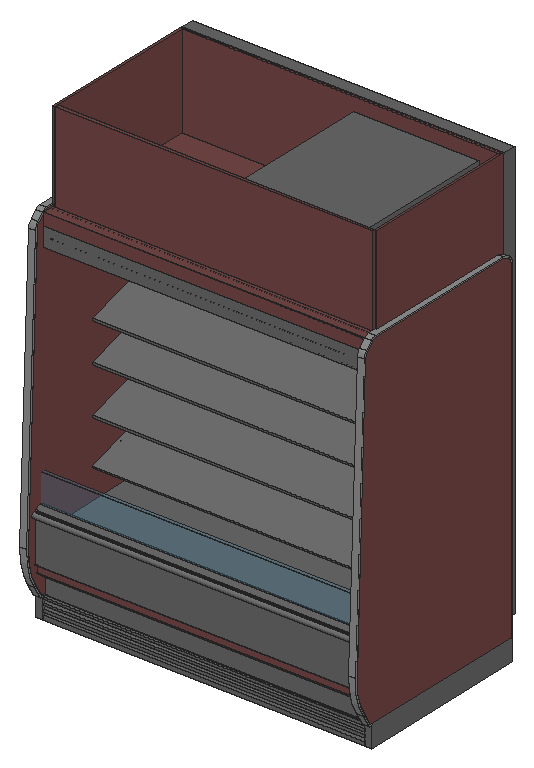
Revit family "O5MAK-NRG", category Mechanical Equipment, Revit 2017
Family settings
  Round Connector Dimension = Use Radius
  Part Type = Normal
  OmniClass Number = 23.40.40.11.17
  OmniClass Title = Refrigerated Cases
  Work Plane-Based = Yes
  Always vertical = Yes
  Cut with Voids When Loaded = No
  Shared = No
  Room Calculation Point = No
Parameters (values of type "6'")
  Width = 43 1/4"  # constant formula
  URL = "http://www.hillphoenix.com/?s=o5dma"
  Type of Case = ""
  Timed-Off Defrost Termination Temp = 42 °F  # constant formula
  Timed-Off Defrost Fail-Safe (Min) = "45 (min)"  # constant formula
  TOP REFRIGERATION PIPING = yes
  TOP ELECTRICAL = yes
  Systems Wire = "3 wire + ground"  # constant formula
  Systems Minimum Circuit Amps = 25.06 A
  Systems Maximum Overcurrent Protection = 35 A
  Systems Frequency = 60 Hz  # constant formula
  System Data Volts = 208 V  # constant formula
  System Data Phase = 1  # constant formula
  Superheat Set Point @ Bulb (°F) = "6-8  °F"  # constant formula
  Suction Pressure @ Case Outlet (psig) = 58.00 psi  # constant formula
  Running Load (RLA) Amps = 12.6 A
  Refrigerant = "R404A"  # constant formula
  Refgn = 28 5/8"
  RT STD END = yes
  RUBBER BUMPER [instance] = BLACK
  REAR REFRIGERATION PIPING = yes
  PAINTED METAL UPPER SHELF = PAINTED SHELVES
  PAINTED METAL INTERIOR [instance] = GALVANIZED STEEL
  PAINTED METAL EXTERIOR [instance] = CHARCOAL BROWN
  Number of Fans = 2  # constant formula
  Model = "O5DMA-NRG"  # constant formula
  Maximum Lights Watts = 56 W
  Maximum Lights Amps = 0.47 A
  Manufacturer = "HILL PHOENIX"  # constant formula
  Locked Rotor (LRA) Amps = 55 A
  Length of Cases = 0"
  Length = 72"
  Legend Number = Model  # "O5DMA-NRG"
  Lbs. of Refrigerant = 5.2
  LF STD END = yes
  Keynote = ""  # constant formula
  Item Description = Description  # "Multi-Deck Merchandiser"
  High Efficiency Watts = 28 W  # constant formula
  High Efficiency Amps = 0.47 A  # constant formula
  Height = 101.65354"
  GLASS = Glass
  Evaporator Pan Heater  Watts = 1500 W  # constant formula
  Evaporator Pan Heater  Amps = 7.21 A  # constant formula
  EQUIPMENT MARK = Legend Number  # "O5DMA-NRG"
  EQUIPMENT DESCRIPTION = Item Description  # "Multi-Deck Merchandiser"
  Drain Pump Watts = 47 W  # constant formula
  Drain Pump Amps = 0.8 A  # constant formula
  Discharge Air Velocity (FPM) = 200 FPM  # constant formula
  Discharge Air (°F) = 31 °F  # constant formula
  Description = "Multi-Deck Merchandiser"  # constant formula
  Defrosts Per Day = 6  # constant formula
  Default Elevation = 48"
  DRAIN PIPING = yes
  DRAIN LINE = 36"
  DESIGNERS NAME = "SHIDDRAMESH"  # constant formula
  DATE = "05/20/2016"  # constant formula
  Condensing Frequency (Hz) = 60 Hz  # constant formula
  Condensing Data  Phase = 1  # constant formula
  Condensing  Data Volts = 208 V  # constant formula
  Condensed Horsepower = "1 - 3/4"
  Certifications = "NSF 7, UL471, CSA"  # constant formula
  CONDENSING UNIT LOCATION = 67"
  CENTER LINE = Length / 2  # 36"
  BOTTOM REFRIGERATION PIPING = yes
  BOTTOM ELECTRICAL = yes
  BASE [instance] = BLACK PAINTED METAL
  Assembly Code = ""
  24" Shelf = yes
Reference planes (in)
  plane 1: z = 0.01963
  plane 2 "LEFT": x = -24
  plane 3 "CASE RIGHT": x = 48
  plane 4: z = 0
  plane 5: y = -15.80744
  plane 6: x = 49.5
  plane 7: x = 12
  plane 8: y = -59.05744
  plane 9: x = 47.5
  plane 10: z = 101.65354
Forms (in)
  Extrusion 1, solid, material "BLACK PAINTED METAL" <- "BASE"
    sketch origin (-24, 0, 0) x (0, 1, 0) y (0, 0, 1)
      loop
        line (-15.80744, 5.125) -> (-47.55744, 5.125) -> (-47.55744, 0) -> (-45.71494, 0) -> (-45.71494, 2.94807) -> (-17.58744, 2.94807) -> (-17.58744, 0) -> (-15.80744, 0) -> (-15.80744, 5.125)
    from 0 to 72
  Extrusion 2, solid, material "BLACK PAINTED METAL" <- "BASE"
    sketch origin (-24, 0, 0) x (0, 1, 0) y (0, 0, 1)
      loop
        line (-50.20012, 5.125) -> (-53.93244, 8.13836) -> (-53.93244, 0.43216) -> (-47.55744, 0.43216) -> (-47.55744, 5.125) -> (-50.20012, 5.125)
    from 0 to 72
  Extrusion 3, solid, material "BLACK PAINTED METAL"
    sketch origin (-24, 0, 0) x (0, 1, 0) y (0, 0, 1)
      loop
        line (-54.22902, 8.37781) -> (-54.22902, 4.78705) -> (-54.22902, 4.64409)
        arc (-54.22902, 4.64409) -> (-54.38049, 4.5454) -> (-54.55908, 4.51727) r 0.43232
        line (-54.55908, 4.51727) -> (-54.55908, 4.01727) -> (-54.48058, 4.01727) -> (-54.06179, 4.09724) -> (-54.19916, 3.66264)
        arc (-54.19916, 3.66264) -> (-54.3352, 3.43693) -> (-54.55908, 3.29789) r 0.56287
        line (-54.55908, 3.29789) -> (-54.55908, 2.79789) -> (-54.48058, 2.79789) -> (-54.06179, 2.88284) -> (-54.19916, 2.44327)
        arc (-54.19916, 2.44327) -> (-54.33489, 2.21725) -> (-54.55908, 2.07851) r 0.55931
        line (-54.55908, 2.07851) -> (-54.55908, 1.57851) -> (-54.48058, 1.57851) -> (-54.06179, 1.66347) -> (-54.18557, 1.22002)
        arc (-54.18557, 1.22002) -> (-54.3739, 0.95321) -> (-54.68244, 0.84617) r 0.53344
        line (-54.68244, 0.84617) -> (-54.68244, 0) -> (-53.93244, 0) -> (-53.93244, 8.13836) -> (-54.22902, 8.37781)
    from 0 to 72
  Extrusion 4, solid, material "BLACK PAINTED METAL" <- "BASE"
    sketch origin (-24, 77.71131, -8.49088) x (0, 1, 0) y (0, 0, 1)
      loop
        line (-132.01385, 29.0098) -> (-133.07244, 29.0098) -> (-133.07244, 32.11661) -> (-133.48451, 32.11661) -> (-134.67706, 31.42809)
        arc (-134.67706, 31.42809) -> (-134.70743, 31.40478) -> (-134.73075, 31.3744) r 0.14668
        line (-134.73075, 31.3744) -> (-134.73075, 20.51327)
        arc (-134.73075, 20.51327) -> (-134.69675, 20.47927) -> (-134.66275, 20.51327) r 0.034
        line (-134.66275, 20.51327) -> (-134.66275, 20.91817)
        arc (-134.66275, 20.91817) -> (-134.65367, 20.94009) -> (-134.63175, 20.94917) r 0.031
        line (-134.63175, 20.94917) -> (-134.38875, 20.94917) -> (-134.20075, 20.94917) -> (-133.96285, 20.94917) -> (-133.96285, 23.89413) -> (-132.01385, 23.89413) -> (-132.01385, 29.0098)
    from 0 to 72 <- "Length"
  Extrusion 5, solid, material "BLACK PAINTED METAL" <- "BASE"
    sketch origin (-24, 0, 0) x (0, 1, 0) y (0, 0, 1)
      loop
        arc (-54.30253, 13.448) -> (-52.47048, 9.13196) -> (-48.09313, 7.45166) r 6
        line (-48.09313, 7.45166) -> (-45.80791, 6.18488) -> (-43.17736, 6.18488) -> (-41.08634, 7.70386) -> (-23.60242, 8.33316)
        arc (-23.60242, 8.33316) -> (-19.4889, 10.16196) -> (-17.78682, 14.32951) r 6.03269
        line (-17.78682, 14.32951) -> (-17.78682, 15.93488) -> (-19.88009, 15.93488) -> (-19.88009, 18.45977)
        arc (-19.88009, 18.45977) -> (-20.03379, 18.16305) -> (-20.34015, 18.02959) r 0.49958
        line (-20.34015, 18.02959) -> (-24.07806, 17.76769) -> (-24.07806, 18.09271) -> (-51.87458, 17.60752) -> (-51.87458, 20.21059)
        arc (-51.87458, 20.21059) -> (-51.94971, 20.41366) -> (-52.13893, 20.51893) r 0.312
        line (-52.13893, 20.51893) -> (-54.30253, 20.51893) -> (-54.30253, 13.448)
    from 0 to 72
  Extrusion 6, solid, material "BLACK" <- "RUBBER BUMPER"
    sketch origin (-24, 77.71131, -8.49088) x (0, 1, 0) y (0, 0, 1)
      loop
        line (-135.04128, 30.14367) -> (-134.73075, 30.14367) -> (-134.73075, 31.26867) -> (-135.04128, 31.26867)
        arc (-135.04128, 31.26867) -> (-135.60378, 30.70617) -> (-135.04128, 30.14367) r 0.5625
    from 0 to 72 <- "Length"
  Extrusion 7, solid, material "CHARCOAL BROWN" <- "PAINTED METAL EXTERIOR"
    sketch origin (-24, 0, 0) x (0, 1, 0) y (0, 0, 1)
      loop
        line (-56.25153, 10.01073) -> (-50.20012, 5.125) -> (-15.80744, 5.125) -> (-15.80744, 80.85931) -> (-49.61236, 80.85931) -> (-49.61236, 78.88331) -> (-17.78682, 78.88331) -> (-17.78682, 14.32951)
        arc (-17.78682, 14.32951) -> (-19.4889, 10.16196) -> (-23.60242, 8.33316) r 6.03269
        line (-23.60242, 8.33316) -> (-41.08634, 7.70386) -> (-43.17736, 6.18488) -> (-45.80791, 6.18488) -> (-48.09313, 7.45166)
        arc (-48.09313, 7.45166) -> (-52.47048, 9.13196) -> (-54.30253, 13.448) r 6
        line (-54.30253, 13.448) -> (-54.30253, 15.40325) -> (-56.25153, 15.40325) -> (-56.25153, 10.01073)
    from 0 to 72
  Extrusion 8, solid, material "GALVANIZED STEEL"
    sketch origin (-24, 0, 0) x (0, 1, 0) y (0, 0, 1)
      loop
        circle (-52.30955, 75.86355) r 0.5625
    from 0 to 72
  Extrusion 9, solid, material "BLACK PAINTED METAL" <- "BASE"
    sketch origin (-24, 0, 0) x (0, 1, 0) y (0, 0, 1)
      loop
        line (-37.63481, 80.85931) -> (-37.63481, 81.59204) -> (-52.67935, 81.59204) -> (-54.65533, 78.87233) -> (-54.65533, 74.62429) -> (-53.65315, 74.62429) -> (-53.65315, 75.12046) -> (-53.68415, 75.12046) -> (-53.68415, 74.64787) -> (-54.6284, 74.64787) -> (-54.6284, 74.89144) -> (-54.1898, 74.69616) -> (-53.96963, 74.88091) -> (-53.99506, 74.90634) -> (-54.18657, 74.74564) -> (-54.6284, 74.94235) -> (-54.6284, 75.58676) -> (-54.5924, 75.58676) -> (-54.5924, 76.1402) -> (-50.43959, 77.25295) -> (-49.46064, 76.79646) -> (-48.1644, 77.26825) -> (-48.1644, 75.38654) -> (-48.42992, 75.38654) -> (-48.42992, 75.34994) -> (-48.12686, 75.34994) -> (-48.12653, 78.88331) -> (-49.61236, 78.88331) -> (-49.61236, 80.85931) -> (-37.63481, 80.85931)
    from 0 to 72
  Extrusion 10, solid, material "GALVANIZED STEEL" <- "PAINTED METAL INTERIOR"
    sketch origin (-24, 0, 0) x (0, 1, 0) y (0, 0, 1)
      loop
        line (-48.06403, 78.88331) -> (-48.06436, 75.36307)
        arc (-48.06436, 75.36307) -> (-48.03874, 75.3012) -> (-47.97687, 75.27557) r 0.08749
        line (-47.97687, 75.27557) -> (-47.63763, 75.27557)
        arc (-47.63763, 75.27557) -> (-47.62513, 75.28807) -> (-47.63763, 75.30057) r 0.0125
        line (-47.63763, 75.30057) -> (-47.97686, 75.30057)
        arc (-47.97686, 75.30057) -> (-48.02106, 75.31888) -> (-48.03936, 75.36307) r 0.0625
        line (-48.03936, 75.36307) -> (-48.03936, 76.47436) -> (-43.92164, 76.47436) -> (-43.92164, 75.36307)
        arc (-43.92164, 75.36307) -> (-43.93994, 75.31888) -> (-43.98414, 75.30057) r 0.0625
        line (-43.98414, 75.30057) -> (-44.35674, 75.30057)
        arc (-44.35674, 75.30057) -> (-44.36924, 75.28807) -> (-44.35674, 75.27557) r 0.0125
        line (-44.35674, 75.27557) -> (-43.98413, 75.27557)
        arc (-43.98413, 75.27557) -> (-43.92226, 75.3012) -> (-43.89664, 75.36306) r 0.08749
        line (-43.89664, 75.36306) -> (-43.89664, 76.75897) -> (-20.87311, 76.75897)
        arc (-20.87311, 76.75897) -> (-20.20195, 76.49895) -> (-19.87926, 75.85558) r 1
        line (-19.87926, 75.85558) -> (-19.87926, 15.93488) -> (-17.78682, 15.93488) -> (-17.78682, 78.88331) -> (-48.06403, 78.88331)
    from 0 to 72
  Extrusion 11, solid, material "BLACK PAINTED METAL" <- "BASE"
    sketch origin (-24, 0, 0) x (0, 1, 0) y (0, 0, 1)
      loop
        line (-43.95946, 75.47436) -> (-43.95946, 76.47436) -> (-47.95945, 76.47436) -> (-47.95945, 75.47436) -> (-43.95946, 75.47436)
    from 0 to 72
  Extrusion 12, solid, material "BLACK PAINTED METAL" <- "BASE", visible <- "LF STD END"
    sketch origin (-24, -2.3795, -30.67646) x (0, 1, 0) y (0, 0, 1)
      loop
        line (-12.92794, 30.67646) -> (-12.92794, 35.55146) -> (-52.30294, 35.55146) -> (-52.30294, 30.67646) -> (-12.92794, 30.67646)
    from 0 to -1.5
  Extrusion 13, solid, material "GALVANIZED STEEL", visible <- "LF STD END"
    sketch origin (-24, 0, 0) x (0, 1, 0) y (0, 0, 1)
      loop
        line (-55.05744, 4.875) -> (-56.65017, 7.45393)
        arc (-56.65017, 7.45393) -> (-58.39587, 11.5255) -> (-58.87615, 15.92941) r 15
        line (-58.87615, 15.92941) -> (-56.3865, 78.79509)
        arc (-56.3865, 78.79509) -> (-56.22031, 79.51773) -> (-55.80228, 80.13016) r 2
        line (-55.80228, 80.13016) -> (-54.49678, 81.43566)
        arc (-54.49678, 81.43566) -> (-54.01014, 81.76082) -> (-53.43612, 81.875) r 1.5
        line (-53.43612, 81.875) -> (-17.55744, 81.875)
        arc (-17.55744, 81.875) -> (-16.14322, 81.28921) -> (-15.55744, 79.875) r 2
        line (-15.55744, 79.875) -> (-15.55744, 4.875) -> (-15.30834, 4.875) -> (-15.30834, 79.87387)
        arc (-15.30834, 79.87387) -> (-15.96695, 81.4639) -> (-17.55699, 82.12251) r 2.24864
        line (-17.55699, 82.12251) -> (-53.52935, 82.12251)
        arc (-53.52935, 82.12251) -> (-54.14866, 81.97337) -> (-54.67355, 81.61244) r 1.75
        line (-54.67355, 81.61244) -> (-55.97905, 80.30694)
        arc (-55.97905, 80.30694) -> (-56.44935, 79.61795) -> (-56.6363, 78.80498) r 2.25
        line (-56.6363, 78.80498) -> (-59.12595, 15.93931)
        arc (-59.12595, 15.93931) -> (-58.63767, 11.46199) -> (-56.86288, 7.32257) r 15.25
        line (-56.86288, 7.32257) -> (-55.19687, 4.625) -> (-54.68244, 4.625) -> (-54.68244, 4.875) -> (-55.05744, 4.875)
    from 0 to -1.5
  Extrusion 14, solid, material "CHARCOAL BROWN" <- "PAINTED METAL EXTERIOR", visible <- "LF STD END"
    sketch origin (-24, 0, 0) x (0, 1, 0) y (0, 0, 1)
      loop
        line (-55.05744, 4.875) -> (-15.55744, 4.875) -> (-15.55744, 79.875)
        arc (-15.55744, 79.875) -> (-16.14322, 81.28921) -> (-17.55744, 81.875) r 2
        line (-17.55744, 81.875) -> (-53.43612, 81.875)
        arc (-53.43612, 81.875) -> (-54.01014, 81.76082) -> (-54.49678, 81.43566) r 1.5
        line (-54.49678, 81.43566) -> (-55.80228, 80.13016)
        arc (-55.80228, 80.13016) -> (-56.22031, 79.51773) -> (-56.3865, 78.79509) r 2
        line (-56.3865, 78.79509) -> (-58.87615, 15.92941)
        arc (-58.87615, 15.92941) -> (-58.39587, 11.5255) -> (-56.65017, 7.45393) r 15
        line (-56.65017, 7.45393) -> (-55.05744, 4.875)
    from 0 to -1.5
  Extrusion 15, void
    sketch origin (0, 0, 0) x (1, 0, 0) y (0, 1, 0)
      loop
        circle (12, -44.43244) r 2
    from 0 to 4.875
  Extrusion 16, solid, material "COPPER PIPE", visible <- "DRAIN PIPING"
    sketch origin (0, 0, 0) x (1, 0, 0) y (0, 1, 0)
      loop
        circle (12, -44.43244) r 1.5
    from 2.62634 to 4.875
  Extrusion 17, void
    sketch origin (-24, -15.80744, 80.85931) x (0, 0, 1) y (-1, 0, 0)
      loop
        circle (-66.35931, -68) r 2
    from 0 to 1.81288
  Extrusion 18, solid, material "COPPER PIPE", visible <- "REAR REFRIGERATION PIPING"
    sketch origin (72, -10.74044, 0) x (-1, 0, 0) y (0, 0, 1)
      loop
        circle (27.1335, 14.5) r 0.5
      loop
        circle (28.64578, 14.5) r 0.375
    from -6.87988 to -4.817
  Extrusion 19, solid, material "BLACK PAINTED METAL" <- "BASE", visible <- "RT STD END"
    sketch origin (78, -2.3795, -30.67646) x (0, 1, 0) y (0, 0, 1)
      loop
        line (-12.92794, 30.67646) -> (-12.92794, 35.55146) -> (-52.30294, 35.55146) -> (-52.30294, 30.67646) -> (-12.92794, 30.67646)
    from -28.5 to -30
  Extrusion 20, solid, material "GALVANIZED STEEL", visible <- "RT STD END"
    sketch origin (78, 0, 0) x (0, 1, 0) y (0, 0, 1)
      loop
        line (-55.05744, 4.875) -> (-56.65017, 7.45393)
        arc (-56.65017, 7.45393) -> (-58.39587, 11.5255) -> (-58.87615, 15.92941) r 15
        line (-58.87615, 15.92941) -> (-56.3865, 78.79509)
        arc (-56.3865, 78.79509) -> (-56.22031, 79.51773) -> (-55.80228, 80.13016) r 2
        line (-55.80228, 80.13016) -> (-54.49678, 81.43566)
        arc (-54.49678, 81.43566) -> (-54.01014, 81.76082) -> (-53.43612, 81.875) r 1.5
        line (-53.43612, 81.875) -> (-17.55744, 81.875)
        arc (-17.55744, 81.875) -> (-16.14322, 81.28921) -> (-15.55744, 79.875) r 2
        line (-15.55744, 79.875) -> (-15.55744, 4.875) -> (-15.30834, 4.875) -> (-15.30834, 79.87387)
        arc (-15.30834, 79.87387) -> (-15.96695, 81.4639) -> (-17.55699, 82.12251) r 2.24864
        line (-17.55699, 82.12251) -> (-53.52935, 82.12251)
        arc (-53.52935, 82.12251) -> (-54.14866, 81.97337) -> (-54.67355, 81.61244) r 1.75
        line (-54.67355, 81.61244) -> (-55.97905, 80.30694)
        arc (-55.97905, 80.30694) -> (-56.44935, 79.61795) -> (-56.6363, 78.80498) r 2.25
        line (-56.6363, 78.80498) -> (-59.12595, 15.93931)
        arc (-59.12595, 15.93931) -> (-58.63767, 11.46199) -> (-56.86288, 7.32257) r 15.25
        line (-56.86288, 7.32257) -> (-55.19687, 4.625) -> (-54.68244, 4.625) -> (-54.68244, 4.875) -> (-55.05744, 4.875)
    from -28.5 to -30
  Extrusion 21, solid, material "CHARCOAL BROWN" <- "PAINTED METAL EXTERIOR", visible <- "RT STD END"
    sketch origin (78, 0, 0) x (0, 1, 0) y (0, 0, 1)
      loop
        line (-55.05744, 4.875) -> (-15.55744, 4.875) -> (-15.55744, 79.875)
        arc (-15.55744, 79.875) -> (-16.14322, 81.28921) -> (-17.55744, 81.875) r 2
        line (-17.55744, 81.875) -> (-53.43612, 81.875)
        arc (-53.43612, 81.875) -> (-54.01014, 81.76082) -> (-54.49678, 81.43566) r 1.5
        line (-54.49678, 81.43566) -> (-55.80228, 80.13016)
        arc (-55.80228, 80.13016) -> (-56.22031, 79.51773) -> (-56.3865, 78.79509) r 2
        line (-56.3865, 78.79509) -> (-58.87615, 15.92941)
        arc (-58.87615, 15.92941) -> (-58.39587, 11.5255) -> (-56.65017, 7.45393) r 15
        line (-56.65017, 7.45393) -> (-55.05744, 4.875)
    from -28.5 to -30
  Extrusion 22, solid, material "CHARCOAL BROWN" <- "PAINTED METAL EXTERIOR"
    sketch origin (-24, 0.125, 0) x (0, 1, 0) y (0, 0, 1)
      loop
        line (-15.80744, 101.65354) -> (-52.05744, 101.65354) -> (-52.05744, 81.59204) -> (-37.75981, 81.59204) -> (-37.75981, 80.85931) -> (-15.80744, 80.85931) -> (-15.80744, 101.65354)
    from 0 to 0.5
  Extrusion 23, solid, material "CHARCOAL BROWN" <- "PAINTED METAL EXTERIOR"
    sketch origin (-24, 0, 0) x (0, 1, 0) y (0, 0, 1)
      loop
        line (-16.30744, 80.85931) -> (-15.80744, 80.85931) -> (-15.80744, 101.65354) -> (-16.30744, 101.65354) -> (-16.30744, 80.85931)
      loop
        line (-51.87458, 101.65354) -> (-51.87458, 81.70079) -> (-51.15632, 81.70079) -> (-51.15632, 101.65354) -> (-51.87458, 101.65354)
    from 0.5 to 71.5
  Extrusion 24, solid, material "CHARCOAL BROWN" <- "PAINTED METAL EXTERIOR"
    sketch origin (107, 0, 0) x (0, 1, 0) y (0, 0, 1)
      loop
        line (-15.80744, 101.65354) -> (-51.15632, 101.65354) -> (-51.15632, 81.59204) -> (-37.634, 81.59204) -> (-37.634, 80.85931) -> (-15.80744, 80.85931) -> (-15.80744, 101.65354)
    from -59.5 to -59
  Extrusion 25, solid, material "BLACK PAINTED METAL" <- "BASE"
    sketch origin (-24, 0, 0) x (0, 1, 0) y (0, 0, 1)
      loop
        line (-15.80744, 101.65354) -> (-15.80744, 8.12799) -> (-12.80744, 8.12799) -> (-12.80744, 101.65354) -> (-15.80744, 101.65354)
    from 0 to 72
  Extrusion 26, solid, visible <- "BOTTOM ELECTRICAL"
    sketch origin (0, 0, 0) x (1, 0, 0) y (0, 1, 0)
      loop
        line (-21.33476, -23.43754) -> (-21.33476, -27.93754) -> (-14.33476, -27.93754) -> (-14.33476, -23.43754) -> (-21.33476, -23.43754)
    from 2.94807 to 2.69807
  Extrusion 27, solid, material "BLACK PAINTED METAL" <- "BASE"
    sketch origin (0, 0.50827, -0.08019) x (0, 1, 0) y (0, 0, 1)
      loop
        line (-38.14308, 80.93949) -> (-16.95233, 80.93949) -> (-16.95233, 98.78097) -> (-50.25971, 98.78097) -> (-50.25971, 81.67223) -> (-38.14308, 81.67223) -> (-38.14308, 80.93949)
    from 15 to 43
  Extrusion 28, solid, material "Glass" <- "GLASS"
    sketch origin (-24, 77.71131, -8.49088) x (0, 1, 0) y (0, 0, 1)
      loop
        line (-131.98451, 29.0098) -> (-131.98451, 38.33401) -> (-133.07244, 38.33401) -> (-133.07244, 29.0098) -> (-131.98451, 29.0098)
    from 0 to 72 <- "Length"
  Extrusion 29, solid, material "PAINTED SHELVES" <- "PAINTED METAL UPPER SHELF", visible <- "24" Shelf"
    sketch origin (-24, 16.89434, 8.46683) x (0, 0.956305, 0.292372) y (0, -0.292372, 0.956305)
      loop
        line (-20.78309, 57.79843) -> (-19.87926, 60.75474) -> (-41.87926, 60.75474) -> (-41.87926, 60.19474) -> (-34.27847, 60.19474) -> (-34.21985, 60.05929) -> (-23.41026, 59.12633)
        arc (-23.41026, 59.12633) -> (-22.74189, 58.94595) -> (-22.14862, 58.58919) r 2.5
        line (-22.14862, 58.58919) -> (-21.44578, 58.02048)
        arc (-21.44578, 58.02048) -> (-21.13447, 57.84968) -> (-20.78309, 57.79843) r 1
    from 0 to 72 <- "Length"
  Extrusion 30, solid, material "PAINTED SHELVES" <- "PAINTED METAL UPPER SHELF", visible <- "24" Shelf"
    sketch origin (-24, 16.89434, -0.33679) x (0, 0.956305, 0.292372) y (0, -0.292372, 0.956305)
      loop
        line (-20.78309, 57.79843) -> (-19.87926, 60.75474) -> (-41.87926, 60.75474) -> (-41.87926, 60.19474) -> (-34.27847, 60.19474) -> (-34.21985, 60.05929) -> (-23.41026, 59.12633)
        arc (-23.41026, 59.12633) -> (-22.74189, 58.94595) -> (-22.14862, 58.58919) r 2.5
        line (-22.14862, 58.58919) -> (-21.44578, 58.02048)
        arc (-21.44578, 58.02048) -> (-21.13447, 57.84968) -> (-20.78309, 57.79843) r 1
    from 0 to 72 <- "Length"
  Extrusion 31, solid, material "PAINTED SHELVES" <- "PAINTED METAL UPPER SHELF", visible <- "24" Shelf"
    sketch origin (-24, 16.89434, -10.96727) x (0, 0.956305, 0.292372) y (0, -0.292372, 0.956305)
      loop
        line (-20.78309, 57.79843) -> (-19.87926, 60.75474) -> (-41.87926, 60.75474) -> (-41.87926, 60.19474) -> (-34.27847, 60.19474) -> (-34.21985, 60.05929) -> (-23.41026, 59.12633)
        arc (-23.41026, 59.12633) -> (-22.74189, 58.94595) -> (-22.14862, 58.58919) r 2.5
        line (-22.14862, 58.58919) -> (-21.44578, 58.02048)
        arc (-21.44578, 58.02048) -> (-21.13447, 57.84968) -> (-20.78309, 57.79843) r 1
    from 0 to 72 <- "Length"
  Extrusion 32, solid, material "PAINTED SHELVES" <- "PAINTED METAL UPPER SHELF", visible <- "24" Shelf"
    sketch origin (-24, 16.89434, -21.02062) x (0, 0.956305, 0.292372) y (0, -0.292372, 0.956305)
      loop
        line (-20.78309, 57.79843) -> (-19.87926, 60.75474) -> (-41.87926, 60.75474) -> (-41.87926, 60.19474) -> (-34.27847, 60.19474) -> (-34.21985, 60.05929) -> (-23.41026, 59.12633)
        arc (-23.41026, 59.12633) -> (-22.74189, 58.94595) -> (-22.14862, 58.58919) r 2.5
        line (-22.14862, 58.58919) -> (-21.44578, 58.02048)
        arc (-21.44578, 58.02048) -> (-21.13447, 57.84968) -> (-20.78309, 57.79843) r 1
    from 0 to 72 <- "Length"
  Extrusion 33, solid, material "Glass" <- "GLASS"
    sketch origin (-24, 0.5, 0.625) x (0, 1, 0) y (0, 0, 1)
      loop
        line (-20.44707, 68.44822) -> (-25.21634, 76.08065) -> (-25.34888, 75.99783) -> (-20.57961, 68.3654) -> (-20.44707, 68.44822)
    from 0 to 72 <- "Length"
  Extrusion 34, solid, material "Glass"
    sketch origin (-24, 0, 0) x (0, 1, 0) y (0, 0, 1)
      loop
        line (-24.68968, 76.66299) -> (-24.64718, 76.68954) -> (-24.69057, 76.75897) -> (-25.08417, 76.75897) -> (-25.08417, 76.71041) -> (-24.95057, 76.71041) -> (-24.85929, 76.56433) -> (-24.82677, 76.58465) -> (-24.85014, 76.62205) -> (-24.71634, 76.70565) -> (-24.68968, 76.66299)
      loop
        line (-20.00168, 69.16062) -> (-19.94707, 69.07322) -> (-20.07961, 68.9904) -> (-20.13422, 69.0778) -> (-20.16036, 69.06147) -> (-20.0529, 68.88949) -> (-19.91186, 68.88949) -> (-19.91186, 68.57144) -> (-19.87926, 68.57144) -> (-19.87926, 69.02515) -> (-19.97452, 69.17759) -> (-20.00168, 69.16062)
    from 0 to 72 <- "Length"
  Extrusion 35, solid, material "CHARCOAL BROWN" <- "PAINTED METAL EXTERIOR"
    sketch origin (-24, 0, 0) x (0, 1, 0) y (0, 0, 1)
      loop
        line (-50.09283, 81.62304) -> (-54.59308, 81.62304)
        arc (-54.59308, 81.62304) -> (-54.6371, 81.60481) -> (-54.65533, 81.56079) r 0.06225
        line (-54.65533, 81.56079) -> (-54.65533, 74.62429) -> (-54.62433, 74.62429) -> (-54.62433, 81.56079)
        arc (-54.62433, 81.56079) -> (-54.61518, 81.58289) -> (-54.59308, 81.59204) r 0.03125
        line (-54.59308, 81.59204) -> (-50.09283, 81.59204) -> (-50.09283, 81.62304)
    from 0 to 72 <- "Length"
  Extrusion 36, solid, material "BLACK PAINTED METAL" <- "BASE", visible <- "LF STD END", not visible
    sketch origin (0, -2.3795, -30.67646) x (0, 1, 0) y (0, 0, 1)
      loop
        line (-12.92794, 30.67646) -> (-12.92794, 35.55146) -> (-52.30294, 35.55146) -> (-52.30294, 30.67646) -> (-12.92794, 30.67646)
    from 0 to -1.5
  Extrusion 37, solid, material "GALVANIZED STEEL", visible <- "LF STD END", not visible
    sketch origin (0, 0, 0) x (0, 1, 0) y (0, 0, 1)
      loop
        line (-55.05744, 4.875) -> (-56.65017, 7.45393)
        arc (-56.65017, 7.45393) -> (-58.39587, 11.5255) -> (-58.87615, 15.92941) r 15
        line (-58.87615, 15.92941) -> (-56.3865, 78.79509)
        arc (-56.3865, 78.79509) -> (-56.22031, 79.51773) -> (-55.80228, 80.13016) r 2
        line (-55.80228, 80.13016) -> (-54.49678, 81.43566)
        arc (-54.49678, 81.43566) -> (-54.01014, 81.76082) -> (-53.43612, 81.875) r 1.5
        line (-53.43612, 81.875) -> (-17.55744, 81.875)
        arc (-17.55744, 81.875) -> (-16.14322, 81.28921) -> (-15.55744, 79.875) r 2
        line (-15.55744, 79.875) -> (-15.55744, 4.875) -> (-15.30834, 4.875) -> (-15.30834, 79.87387)
        arc (-15.30834, 79.87387) -> (-15.96695, 81.4639) -> (-17.55699, 82.12251) r 2.24864
        line (-17.55699, 82.12251) -> (-53.52935, 82.12251)
        arc (-53.52935, 82.12251) -> (-54.14866, 81.97337) -> (-54.67355, 81.61244) r 1.75
        line (-54.67355, 81.61244) -> (-55.97905, 80.30694)
        arc (-55.97905, 80.30694) -> (-56.44935, 79.61795) -> (-56.6363, 78.80498) r 2.25
        line (-56.6363, 78.80498) -> (-59.12595, 15.93931)
        arc (-59.12595, 15.93931) -> (-58.63767, 11.46199) -> (-56.86288, 7.32257) r 15.25
        line (-56.86288, 7.32257) -> (-55.19687, 4.625) -> (-54.68244, 4.625) -> (-54.68244, 4.875) -> (-55.05744, 4.875)
    from 0 to -1.5
  Extrusion 38, solid, material "CHARCOAL BROWN" <- "PAINTED METAL EXTERIOR", visible <- "LF STD END", not visible
    sketch origin (0, 0, 0) x (0, 1, 0) y (0, 0, 1)
      loop
        line (-55.05744, 4.875) -> (-15.55744, 4.875) -> (-15.55744, 79.875)
        arc (-15.55744, 79.875) -> (-16.14322, 81.28921) -> (-17.55744, 81.875) r 2
        line (-17.55744, 81.875) -> (-53.43612, 81.875)
        arc (-53.43612, 81.875) -> (-54.01014, 81.76082) -> (-54.49678, 81.43566) r 1.5
        line (-54.49678, 81.43566) -> (-55.80228, 80.13016)
        arc (-55.80228, 80.13016) -> (-56.22031, 79.51773) -> (-56.3865, 78.79509) r 2
        line (-56.3865, 78.79509) -> (-58.87615, 15.92941)
        arc (-58.87615, 15.92941) -> (-58.39587, 11.5255) -> (-56.65017, 7.45393) r 15
        line (-56.65017, 7.45393) -> (-55.05744, 4.875)
    from 0 to -1.5
  Extrusion 39, solid, material "BLACK PAINTED METAL" <- "BASE", not visible
    sketch origin (0, 0.50827, -0.08019) x (0, 1, 0) y (0, 0, 1)
      loop
        line (-38.14308, 80.93949) -> (-16.95233, 80.93949) -> (-16.95233, 98.78097) -> (-50.25971, 98.78097) -> (-50.25971, 81.67223) -> (-38.14308, 81.67223) -> (-38.14308, 80.93949)
    from 15 to 43
Cuts and joins
  Extrusion 15 cuts Extrusion 1
  Extrusion 17 cuts Extrusion 5
  Extrusion 17 cuts Extrusion 7
  Extrusion 17 cuts Extrusion 10
Dimensions and locks (in)
  "Length": plane 2 "LEFT" to plane 3 "CASE RIGHT"
  "DRAIN LINE": plane 2 "LEFT" to plane 7
  locked: plane 3 "CASE RIGHT" to plane 6 at 1.5
  "Width": plane 5 to plane 8
  locked: Extrusion 15 sketch curve to plane 5 at 28.625
  locked: Extrusion 16 sketch curve to plane 5 at 28.625
  locked: plane 5 to Extrusion 10 sketch curve at 32.25659
  locked: plane 9 to plane 3 "CASE RIGHT" at 0.5
  cut or joined group of Extrusion 1, Extrusion 15 to cut or joined group of Extrusion 1, Extrusion 15 = 31 3/4"
  cut or joined group of Extrusion 1, Extrusion 15 to Extrusion 3 = 6 3/8"
  plane 5 to Extrusion 12 = 38 7/8"
  plane 5 to Extrusion 22 = 36 1/8"
  cut or joined group of Extrusion 7, Extrusion 17 to level = 5 1/8"
  "Height": plane 4 to plane 10
  Extrusion 22 to plane 10 = 20.0615"
  cut or joined group of Extrusion 10, Extrusion 17 to cut or joined group of Extrusion 5, Extrusion 17 = 31.99532"
  "CONDENSING UNIT LOCATION": plane 2 "LEFT" to Extrusion 27
  aligned and locked: plane 3 "CASE RIGHT" to Extrusion 7
  aligned and locked: plane 3 "CASE RIGHT" to Extrusion 10
  aligned and locked: plane 3 "CASE RIGHT" to Extrusion 9
  aligned and locked: plane 3 "CASE RIGHT" to Extrusion 11
  aligned and locked: plane 3 "CASE RIGHT" to Extrusion 8
  aligned and locked: plane 3 "CASE RIGHT" to Extrusion 5
  aligned and locked: plane 3 "CASE RIGHT" to Extrusion 1
  aligned and locked: plane 3 "CASE RIGHT" to Extrusion 2
  aligned and locked: plane 3 "CASE RIGHT" to Extrusion 3
  aligned and locked: Extrusion 20 to plane 3 "CASE RIGHT"
  aligned and locked: plane 6 to Extrusion 20
  aligned and locked: Extrusion 21 to plane 3 "CASE RIGHT"
  aligned and locked: plane 6 to Extrusion 21
  aligned and locked: Extrusion 19 to plane 3 "CASE RIGHT"
  aligned and locked: plane 6 to Extrusion 19
  aligned and locked: plane 3 "CASE RIGHT" to Extrusion 24
  aligned and locked: Extrusion 24 to plane 9
  aligned and locked: Extrusion 23 to Extrusion 24
  aligned and locked: plane 3 "CASE RIGHT" to Extrusion 25
  aligned and locked: plane 2 "LEFT" to Extrusion 13
Automatic sketch dimensions
  Extrusion 1 sketch curve to level = 0"  (x3)
  Extrusion 1 sketch curve to plane 5 = 0"
  plane 5 to Extrusion 1 sketch curve = 1.78"
  plane 1 to Extrusion 1 sketch curve = 2.92844"
  Extrusion 1 sketch curve to plane 8 = 13.3425"
  Extrusion 1 sketch curve to Extrusion 1 sketch curve = 1.8425"
  Extrusion 1 sketch curve to Extrusion 1 sketch curve = 2.17693"
  Extrusion 2 sketch curve to plane 8 = 5 1/8"
  Extrusion 2 sketch curve to Extrusion 2 sketch curve = 3.73232"
  Extrusion 2 sketch curve to Extrusion 2 sketch curve = 2.64268"
  plane 1 to Extrusion 2 sketch curve = 0.41253"
  plane 1 to Extrusion 2 sketch curve = 5.10537"
  Extrusion 2 sketch curve to Extrusion 2 sketch curve = 3.01336"
  Extrusion 3 sketch curve to level = 0"
  Extrusion 3 sketch curve to plane 8 = 4.32158"
  Extrusion 3 sketch curve to Extrusion 3 sketch curve = 0.00285"
  Extrusion 3 sketch curve to Extrusion 3 sketch curve = 0.03839"
  Extrusion 3 sketch curve to Extrusion 3 sketch curve = 0.01218"
  Extrusion 3 sketch curve to Extrusion 3 sketch curve = 0.17393"
  Extrusion 3 sketch curve to Extrusion 3 sketch curve = 0.17678"
  Extrusion 3 sketch curve to Extrusion 3 sketch curve = 0.13554"
  Extrusion 3 sketch curve to Extrusion 3 sketch curve = 0.02353"
  plane 1 to Extrusion 3 sketch curve = 1.55888"
  Extrusion 3 sketch curve to Extrusion 3 sketch curve = 0.0785"  (x3)
  Extrusion 3 sketch curve to Extrusion 3 sketch curve = 0.33006"
  Extrusion 3 sketch curve to Extrusion 3 sketch curve = 0.30652"
  Extrusion 3 sketch curve to Extrusion 3 sketch curve = 0.28142"  (x2)
  plane 1 to Extrusion 3 sketch curve = 2.42364"
  plane 1 to Extrusion 3 sketch curve = 1.20039"
  Extrusion 3 sketch curve to Extrusion 3 sketch curve = 0.29501"
  Extrusion 3 sketch curve to Extrusion 3 sketch curve = 0.41879"  (x3)
  plane 1 to Extrusion 3 sketch curve = 1.64384"
  Extrusion 3 sketch curve to Extrusion 3 sketch curve = 0.29658"
  Extrusion 3 sketch curve to Extrusion 3 sketch curve = 0.37385"
  Extrusion 3 sketch curve to Extrusion 3 sketch curve = 1/2"  (x3)
  Extrusion 3 sketch curve to Extrusion 3 sketch curve = 0.1878"
  Extrusion 3 sketch curve to Extrusion 3 sketch curve = 0.08495"
  Extrusion 3 sketch curve to Extrusion 3 sketch curve = 0.36475"
  Extrusion 3 sketch curve to Extrusion 3 sketch curve = 0.18499"
  Extrusion 3 sketch curve to Extrusion 3 sketch curve = 0.07997"
  Extrusion 3 sketch curve to Extrusion 3 sketch curve = 0.12681"
  Extrusion 3 sketch curve to Extrusion 3 sketch curve = 3.1894"
  Extrusion 3 sketch curve to Extrusion 3 sketch curve = 0.23945"
  Extrusion 3 sketch curve to Extrusion 3 sketch curve = 0.14297"
  Extrusion 3 sketch curve to Extrusion 3 sketch curve = 0"
  Extrusion 5 sketch curve to plane 8 = 4.7549"
  Extrusion 5 sketch curve to Extrusion 5 sketch curve = 2.11595"
  Extrusion 5 sketch curve to Extrusion 5 sketch curve = 0.04766"
  Extrusion 5 sketch curve to Extrusion 5 sketch curve = 0.312"
  Extrusion 5 sketch curve to Extrusion 5 sketch curve = 3.57205"
  Extrusion 5 sketch curve to Extrusion 5 sketch curve = 0.2094"
  plane 1 to Extrusion 5 sketch curve = 6.16525"
  Extrusion 5 sketch curve to Extrusion 5 sketch curve = 2.28522"
  Extrusion 5 sketch curve to Extrusion 5 sketch curve = 2.63055"
  plane 1 to Extrusion 5 sketch curve = 7.68422"
  Extrusion 5 sketch curve to Extrusion 5 sketch curve = 2.09102"
  plane 5 to Extrusion 5 sketch curve = 8.27062"
  Extrusion 5 sketch curve to Extrusion 5 sketch curve = 0.25864"
  Extrusion 5 sketch curve to Extrusion 5 sketch curve = 0.217"
  Extrusion 5 sketch curve to Extrusion 5 sketch curve = 3.70306"
  Extrusion 5 sketch curve to Extrusion 5 sketch curve = 0.4949"
  plane 5 to Extrusion 5 sketch curve = 1.97938"
  Extrusion 5 sketch curve to Extrusion 5 sketch curve = 1.26678"
  plane 1 to Extrusion 5 sketch curve = 8.31353"
  Extrusion 5 sketch curve to Extrusion 5 sketch curve = 5.99634"
  Extrusion 5 sketch curve to Extrusion 5 sketch curve = 1.60537"
  Extrusion 5 sketch curve to Extrusion 5 sketch curve = 4.15952"
  Extrusion 5 sketch curve to Extrusion 5 sketch curve = 3.40574"
  Extrusion 5 sketch curve to Extrusion 5 sketch curve = 0.32502"
  Extrusion 5 sketch curve to Extrusion 5 sketch curve = 2.52489"
  Extrusion 5 sketch curve to Extrusion 5 sketch curve = 0.06818"
  Extrusion 5 sketch curve to Extrusion 5 sketch curve = 2.60307"
  Extrusion 5 sketch curve to Extrusion 5 sketch curve = 0.03485"
  Extrusion 5 sketch curve to Extrusion 5 sketch curve = 0.00045"
  Extrusion 5 sketch curve to Extrusion 5 sketch curve = 0.00049"
  Extrusion 7 sketch curve to plane 5 = 0"
  plane 5 to Extrusion 7 sketch curve = 1.97938"
  plane 5 to Extrusion 7 sketch curve = 7.79498"
  Extrusion 7 sketch curve to Extrusion 7 sketch curve = 0.217"
  plane 1 to Extrusion 7 sketch curve = 7.68422"
  Extrusion 7 sketch curve to Extrusion 7 sketch curve = 17.48392"
  plane 1 to Extrusion 7 sketch curve = 6.16525"
  Extrusion 7 sketch curve to Extrusion 7 sketch curve = 2.09102"
  Extrusion 7 sketch curve to Extrusion 7 sketch curve = 2.63055"
  Extrusion 7 sketch curve to Extrusion 7 sketch curve = 2.28522"
  Extrusion 7 sketch curve to Extrusion 7 sketch curve = 0.2094"
  Extrusion 7 sketch curve to plane 8 = 9.44508"
  Extrusion 7 sketch curve to Extrusion 7 sketch curve = 2.10699"
  Extrusion 7 sketch curve to plane 8 = 4.7549"
  Extrusion 7 sketch curve to Extrusion 7 sketch curve = 1.949"
  plane 1 to Extrusion 7 sketch curve = 5.10537"
  Extrusion 7 sketch curve to Extrusion 7 sketch curve = 1.26678"
  plane 1 to Extrusion 7 sketch curve = 8.31353"
  Extrusion 7 sketch curve to Extrusion 7 sketch curve = 3.43727"
  Extrusion 7 sketch curve to Extrusion 7 sketch curve = 5.99634"
  Extrusion 7 sketch curve to Extrusion 7 sketch curve = 1.95525"
  plane 10 to Extrusion 7 sketch curve = 22.77024"
  Extrusion 7 sketch curve to Extrusion 7 sketch curve = 1.976"
  Extrusion 10 sketch curve to Extrusion 10 sketch curve = 0.00033"
  Extrusion 10 sketch curve to Extrusion 10 sketch curve = 0.025"  (x2)
  Extrusion 10 sketch curve to Extrusion 10 sketch curve = 1/16"  (x2)
  Extrusion 10 sketch curve to Extrusion 10 sketch curve = 0"  (x4)
  Extrusion 10 sketch curve to Extrusion 10 sketch curve = 0.33923"
  Extrusion 10 sketch curve to Extrusion 10 sketch curve = 3.2809"
  Extrusion 10 sketch curve to Extrusion 10 sketch curve = 0.3726"
  plane 5 to Extrusion 10 sketch curve = 5.06714"
  Extrusion 10 sketch curve to Extrusion 10 sketch curve = 0.00147"
  plane 5 to Extrusion 10 sketch curve = 4.07182"
  plane 5 to Extrusion 10 sketch curve = 1.97938"
  plane 1 to Extrusion 10 sketch curve = 15.91525"
  plane 10 to Extrusion 10 sketch curve = 26.37797"
  Extrusion 10 sketch curve to Extrusion 10 sketch curve = 0.0125"  (x2)
  Extrusion 10 sketch curve to Extrusion 10 sketch curve = 0.39591"
  Extrusion 10 sketch curve to Extrusion 10 sketch curve = 0.0966"
  Extrusion 10 sketch curve to Extrusion 10 sketch curve = 0.28461"
  Extrusion 10 sketch curve to Extrusion 10 sketch curve = 3.02773"
  Extrusion 11 sketch curve to plane 8 = 11.09798"
  Extrusion 11 sketch curve to Extrusion 11 sketch curve = 4"
  plane 10 to Extrusion 11 sketch curve = 26.17918"
  Extrusion 11 sketch curve to Extrusion 11 sketch curve = 1"
  Extrusion 15 sketch curve to plane 7 = 0"
  Extrusion 16 sketch curve to plane 7 = 0"
  Extrusion 17 sketch curve to Extrusion 7 = 4"
  Extrusion 17 sketch curve to Extrusion 7 = 9 3/8"
  Extrusion 18 sketch curve to plane 9 = 2.6335"
  Extrusion 18 sketch curve to Extrusion 18 sketch curve = 1.51228"
  plane 1 to Extrusion 18 sketch curve = 14.48037"
  Extrusion 18 sketch curve to Extrusion 18 sketch curve = 0"
  Extrusion 19 sketch curve to level = 0"
  Extrusion 19 sketch curve to plane 8 = 4 3/8"
  Extrusion 19 sketch curve to plane 5 = 1/2"
  plane 1 to Extrusion 19 sketch curve = 4.85537"
  Extrusion 21 sketch curve to plane 8 = 4"
  plane 5 to Extrusion 21 sketch curve = 1 3/4"
  Extrusion 21 sketch curve to plane 5 = 1/4"
  plane 1 to Extrusion 21 sketch curve = 4.85537"
  plane 10 to Extrusion 22 sketch curve = 0"
  Extrusion 22 sketch curve to plane 8 = 7 1/8"
  Extrusion 22 sketch curve to Extrusion 22 sketch curve = 14.29763"
  Extrusion 22 sketch curve to plane 5 = 1/8"
  plane 10 to Extrusion 22 sketch curve = 20.0615"
  Extrusion 22 sketch curve to Extrusion 22 sketch curve = 0.73273"
  plane 10 to Extrusion 23 sketch curve = 0"  (x2)
  Extrusion 23 sketch curve to plane 5 = 0"
  plane 5 to Extrusion 23 sketch curve = 1/2"
  Extrusion 23 sketch curve to plane 8 = 7.90111"
  Extrusion 23 sketch curve to Extrusion 23 sketch curve = 0.71826"
  Extrusion 23 sketch curve to Extrusion 23 sketch curve = 19.95276"
  Extrusion 23 sketch curve to Extrusion 23 sketch curve = 20.79424"
  plane 10 to Extrusion 24 sketch curve = 0"
  Extrusion 24 sketch curve to plane 5 = 0"
  Extrusion 24 sketch curve to plane 8 = 21.42343"
  Extrusion 24 sketch curve to plane 8 = 7.90111"
  plane 10 to Extrusion 24 sketch curve = 20.0615"
  Extrusion 24 sketch curve to Extrusion 24 sketch curve = 0.73273"
  Extrusion 25 sketch curve to plane 5 = 0"
  plane 10 to Extrusion 25 sketch curve = 0"
  Extrusion 25 sketch curve to plane 5 = 3"
  plane 1 to Extrusion 25 sketch curve = 8.10835"
  plane 2 "LEFT" to Extrusion 26 sketch curve = 2.66524"
  Extrusion 26 sketch curve to Extrusion 26 sketch curve = 7"
  plane 5 to Extrusion 26 sketch curve = 12.1301"
  Extrusion 26 sketch curve to Extrusion 26 sketch curve = 4 1/2"
  Extrusion 27 sketch curve to Extrusion 27 sketch curve = 12.11663"
  Extrusion 27 sketch curve to Extrusion 27 sketch curve = 0.73273"
  Extrusion 29 sketch curve to plane 8 = 18.3032"
  plane 10 to Extrusion 29 sketch curve = 47.86651"
  Extrusion 29 sketch curve to Extrusion 29 sketch curve = 7.60079"
  Extrusion 29 sketch curve to Extrusion 29 sketch curve = 15/256"
  Extrusion 29 sketch curve to Extrusion 29 sketch curve = 10.49866"
  Extrusion 29 sketch curve to Extrusion 29 sketch curve = 0.31094"
  Extrusion 29 sketch curve to Extrusion 29 sketch curve = 1.26163"
  Extrusion 29 sketch curve to Extrusion 29 sketch curve = 0.70284"
  Extrusion 29 sketch curve to Extrusion 29 sketch curve = 0.62903"
  Extrusion 29 sketch curve to Extrusion 29 sketch curve = 0.66269"
  Extrusion 29 sketch curve to Extrusion 29 sketch curve = 15/16"
  Extrusion 29 sketch curve to Extrusion 29 sketch curve = 0.13545"
  Extrusion 29 sketch curve to Extrusion 29 sketch curve = 0.93296"
  Extrusion 29 sketch curve to Extrusion 29 sketch curve = 0.32846"
  Extrusion 29 sketch curve to Extrusion 29 sketch curve = 0.20867"
  Extrusion 29 sketch curve to Extrusion 29 sketch curve = 0.56871"
  Extrusion 29 sketch curve to Extrusion 29 sketch curve = 0.56"
  Extrusion 30 sketch curve to plane 8 = 18.3032"
  plane 1 to Extrusion 30 sketch curve = 44.96379"
  Extrusion 30 sketch curve to Extrusion 30 sketch curve = 7.60079"
  Extrusion 30 sketch curve to Extrusion 30 sketch curve = 15/256"
  Extrusion 30 sketch curve to Extrusion 30 sketch curve = 10.49866"
  Extrusion 30 sketch curve to Extrusion 30 sketch curve = 0.31094"
  Extrusion 30 sketch curve to Extrusion 30 sketch curve = 1.26163"
  Extrusion 30 sketch curve to Extrusion 30 sketch curve = 0.70284"
  Extrusion 30 sketch curve to Extrusion 30 sketch curve = 0.62903"
  Extrusion 30 sketch curve to Extrusion 30 sketch curve = 0.66269"
  Extrusion 30 sketch curve to Extrusion 30 sketch curve = 15/16"
  Extrusion 30 sketch curve to Extrusion 30 sketch curve = 0.13545"
  Extrusion 30 sketch curve to Extrusion 30 sketch curve = 0.93296"
  Extrusion 30 sketch curve to Extrusion 30 sketch curve = 0.32846"
  Extrusion 30 sketch curve to Extrusion 30 sketch curve = 0.20867"
  Extrusion 30 sketch curve to Extrusion 30 sketch curve = 0.56871"
  Extrusion 30 sketch curve to Extrusion 30 sketch curve = 0.56"
  Extrusion 31 sketch curve to plane 8 = 18.3032"
  plane 1 to Extrusion 31 sketch curve = 34.33331"
  Extrusion 31 sketch curve to Extrusion 31 sketch curve = 7.60079"
  Extrusion 31 sketch curve to Extrusion 31 sketch curve = 15/256"
  Extrusion 31 sketch curve to Extrusion 31 sketch curve = 10.49866"
  Extrusion 31 sketch curve to Extrusion 31 sketch curve = 0.31094"
  Extrusion 31 sketch curve to Extrusion 31 sketch curve = 1.26163"
  Extrusion 31 sketch curve to Extrusion 31 sketch curve = 0.70284"
  Extrusion 31 sketch curve to Extrusion 31 sketch curve = 0.62903"
  Extrusion 31 sketch curve to Extrusion 31 sketch curve = 0.66269"
  Extrusion 31 sketch curve to Extrusion 31 sketch curve = 15/16"
  Extrusion 31 sketch curve to Extrusion 31 sketch curve = 0.13545"
  Extrusion 31 sketch curve to Extrusion 31 sketch curve = 0.93296"
  Extrusion 31 sketch curve to Extrusion 31 sketch curve = 0.32846"
  Extrusion 31 sketch curve to Extrusion 31 sketch curve = 0.20867"
  Extrusion 31 sketch curve to Extrusion 31 sketch curve = 0.56871"
  Extrusion 31 sketch curve to Extrusion 31 sketch curve = 0.56"
  Extrusion 32 sketch curve to plane 8 = 18.3032"
  plane 1 to Extrusion 32 sketch curve = 24.27996"
  Extrusion 32 sketch curve to Extrusion 32 sketch curve = 7.60079"
  Extrusion 32 sketch curve to Extrusion 32 sketch curve = 15/256"
  Extrusion 32 sketch curve to Extrusion 32 sketch curve = 10.49866"
  Extrusion 32 sketch curve to Extrusion 32 sketch curve = 0.31094"
  Extrusion 32 sketch curve to Extrusion 32 sketch curve = 1.26163"
  Extrusion 32 sketch curve to Extrusion 32 sketch curve = 0.70284"
  Extrusion 32 sketch curve to Extrusion 32 sketch curve = 0.62903"
  Extrusion 32 sketch curve to Extrusion 32 sketch curve = 0.66269"
  Extrusion 32 sketch curve to Extrusion 32 sketch curve = 15/16"
  Extrusion 32 sketch curve to Extrusion 32 sketch curve = 0.13545"
  Extrusion 32 sketch curve to Extrusion 32 sketch curve = 0.93296"
  Extrusion 32 sketch curve to Extrusion 32 sketch curve = 0.32846"
  Extrusion 32 sketch curve to Extrusion 32 sketch curve = 0.20867"
  Extrusion 32 sketch curve to Extrusion 32 sketch curve = 0.56871"
  Extrusion 32 sketch curve to Extrusion 32 sketch curve = 0.56"
  plane 5 to Extrusion 33 sketch curve = 9.04145"
  Extrusion 33 sketch curve to Extrusion 33 sketch curve = 0.13254"
  plane 10 to Extrusion 33 sketch curve = 25.03071"
  Extrusion 33 sketch curve to Extrusion 33 sketch curve = 0.08282"
  plane 5 to Extrusion 33 sketch curve = 4.27217"
  plane 5 to Extrusion 34 sketch curve = 9.27673"
  Extrusion 34 sketch curve to Extrusion 34 sketch curve = 0.1336"
  Extrusion 34 sketch curve to Extrusion 34 sketch curve = 0.09128"
  Extrusion 34 sketch curve to Extrusion 34 sketch curve = 0.00915"
  Extrusion 34 sketch curve to Extrusion 34 sketch curve = 0.03252"
  Extrusion 34 sketch curve to Extrusion 34 sketch curve = 0.13379"
  Extrusion 34 sketch curve to Extrusion 34 sketch curve = 0.02578"
  Extrusion 34 sketch curve to Extrusion 34 sketch curve = 0.02666"
  Extrusion 34 sketch curve to Extrusion 34 sketch curve = 0.0425"
  plane 5 to Extrusion 34 sketch curve = 4.35292"
  Extrusion 34 sketch curve to Extrusion 34 sketch curve = 0.02613"
  Extrusion 34 sketch curve to Extrusion 34 sketch curve = 0.05461"  (x2)
  Extrusion 34 sketch curve to Extrusion 34 sketch curve = 0.02671"
  Extrusion 34 sketch curve to Extrusion 34 sketch curve = 0.13254"
  Extrusion 34 sketch curve to Extrusion 34 sketch curve = 0.02717"
  Extrusion 34 sketch curve to Extrusion 34 sketch curve = 0.17364"
  plane 10 to Extrusion 34 sketch curve = 33.0821"
  Extrusion 34 sketch curve to Extrusion 34 sketch curve = 0.31805"
  Extrusion 34 sketch curve to Extrusion 34 sketch curve = 0.10091"
  Extrusion 34 sketch curve to Extrusion 34 sketch curve = 7.50286"
  Extrusion 34 sketch curve to Extrusion 34 sketch curve = 0.02032"
  Extrusion 34 sketch curve to Extrusion 34 sketch curve = 0.0326"
  Extrusion 14 sketch curve to Extrusion 14 sketch curve = 0.58422"
  Extrusion 14 sketch curve to Extrusion 14 sketch curve = 1.59273"
  Extrusion 14 sketch curve to Extrusion 14 sketch curve = 1.3055"
  Extrusion 14 sketch curve to Extrusion 14 sketch curve = 1.99843"
  Extrusion 14 sketch curve to Extrusion 14 sketch curve = 1.06066"
  Extrusion 14 sketch curve to Extrusion 14 sketch curve = 14.98825"
  Extrusion 14 sketch curve to Extrusion 14 sketch curve = 2.57893"
  Extrusion 14 sketch curve to Extrusion 14 sketch curve = 7.8819"
  Extrusion 14 sketch curve to Extrusion 14 sketch curve = 0.07914"
  Extrusion 14 sketch curve to Extrusion 14 sketch curve = 1 1/2"
  Extrusion 13 sketch curve to Extrusion 13 sketch curve = 0"  (x12)
  Extrusion 13 sketch curve to Extrusion 13 sketch curve = 0.2127"
  Extrusion 13 sketch curve to Extrusion 13 sketch curve = 0.2498"  (x2)
  Extrusion 13 sketch curve to Extrusion 13 sketch curve = 0.40744"
  Extrusion 13 sketch curve to Extrusion 13 sketch curve = 0.17678"  (x3)
  Extrusion 13 sketch curve to Extrusion 13 sketch curve = 1.666"
  Extrusion 13 sketch curve to Extrusion 13 sketch curve = 0.13944"
  Extrusion 13 sketch curve to Extrusion 13 sketch curve = 3/8"
  Extrusion 13 sketch curve to Extrusion 13 sketch curve = 1.3055"
  Extrusion 13 sketch curve to Extrusion 13 sketch curve = 1.41421"
  Extrusion 13 sketch curve to Extrusion 13 sketch curve = 1.06066"
  Extrusion 13 sketch curve to Extrusion 13 sketch curve = 12.76227"
  Extrusion 13 sketch curve to Extrusion 13 sketch curve = 0.00045"
  Extrusion 13 sketch curve to Extrusion 13 sketch curve = 0.2491"
  Extrusion 13 sketch curve to Extrusion 13 sketch curve = 1/4"
  Extrusion 13 sketch curve to Extrusion 13 sketch curve = 2.44757"
  Extrusion 13 sketch curve to Extrusion 13 sketch curve = 0.13137"
  Extrusion 13 sketch curve to Extrusion 13 sketch curve = 7.8819"
  Extrusion 13 sketch curve to Extrusion 13 sketch curve = 0.07914"
  Extrusion 13 sketch curve to Extrusion 13 sketch curve = 0.00989"
  Extrusion 13 sketch curve to Extrusion 13 sketch curve = 0.00113"
  Extrusion 13 sketch curve to Extrusion 13 sketch curve = 0.09324"
  plane 10 to Extrusion 21 sketch curve = 21.77854"
  Extrusion 21 sketch curve to plane 8 = 5.62132"
  Extrusion 21 sketch curve to Extrusion 21 sketch curve = 1 1/2"
  Extrusion 21 sketch curve to Extrusion 21 sketch curve = 1.06066"
  Extrusion 21 sketch curve to Extrusion 21 sketch curve = 1.3055"  (x2)
  Extrusion 21 sketch curve to Extrusion 21 sketch curve = 0.95195"
  Extrusion 21 sketch curve to Extrusion 21 sketch curve = 1.65905"
  Extrusion 21 sketch curve to Extrusion 21 sketch curve = 0.58422"
  Extrusion 21 sketch curve to plane 8 = 0.18129"
  Extrusion 21 sketch curve to Extrusion 21 sketch curve = 11.05441"
  Extrusion 21 sketch curve to Extrusion 21 sketch curve = 14.98825"
  Extrusion 21 sketch curve to Extrusion 21 sketch curve = 0.59358"
  Extrusion 21 sketch curve to plane 8 = 2.40727"
  Extrusion 20 sketch curve to Extrusion 20 sketch curve = 0"  (x6)
  plane 8 to Extrusion 20 sketch curve = 0.06852"
  Extrusion 20 sketch curve to plane 8 = 0.18129"
  Extrusion 20 sketch curve to plane 8 = 2.19456"
  Extrusion 20 sketch curve to Extrusion 20 sketch curve = 0.2127"
  Extrusion 20 sketch curve to plane 8 = 2.42114"
  Extrusion 20 sketch curve to Extrusion 20 sketch curve = 0.2498"
  Extrusion 20 sketch curve to Extrusion 20 sketch curve = 0.40744"
  Extrusion 20 sketch curve to Extrusion 20 sketch curve = 0.17678"  (x2)
  Extrusion 20 sketch curve to Extrusion 20 sketch curve = 1.666"
  Extrusion 20 sketch curve to Extrusion 20 sketch curve = 0.13944"
  Extrusion 20 sketch curve to Extrusion 20 sketch curve = 3/8"
  Extrusion 20 sketch curve to Extrusion 20 sketch curve = 1.3055"
  Extrusion 20 sketch curve to Extrusion 20 sketch curve = 1.99843"
  Extrusion 20 sketch curve to Extrusion 20 sketch curve = 0.96742"
  Extrusion 20 sketch curve to Extrusion 20 sketch curve = 1.06066"
  Extrusion 20 sketch curve to Extrusion 20 sketch curve = 12.76227"
  plane 5 to Extrusion 20 sketch curve = 1 3/4"
  Extrusion 20 sketch curve to Extrusion 20 sketch curve = 0.00045"
  Extrusion 20 sketch curve to plane 5 = 1/4"
  Extrusion 20 sketch curve to Extrusion 20 sketch curve = 0.2491"
  plane 1 to Extrusion 20 sketch curve = 4.60537"
  Extrusion 20 sketch curve to Extrusion 20 sketch curve = 1/4"
  plane 1 to Extrusion 20 sketch curve = 4.85537"
  Extrusion 20 sketch curve to Extrusion 20 sketch curve = 2.44757"
  Extrusion 20 sketch curve to Extrusion 20 sketch curve = 0.13137"
  Extrusion 20 sketch curve to Extrusion 20 sketch curve = 7.8819"
  plane 10 to Extrusion 20 sketch curve = 22.9376"
  Extrusion 20 sketch curve to Extrusion 20 sketch curve = 0.07914"
  Extrusion 20 sketch curve to Extrusion 20 sketch curve = 0.00989"
  plane 10 to Extrusion 20 sketch curve = 21.77967"
  Extrusion 20 sketch curve to Extrusion 20 sketch curve = 0.00113"
  Extrusion 20 sketch curve to Extrusion 20 sketch curve = 1 1/2"
  Extrusion 9 sketch curve to plane 8 = 4.42904"
  Extrusion 9 sketch curve to Extrusion 9 sketch curve = 0"
  Extrusion 9 sketch curve to Extrusion 9 sketch curve = 0.036"
  Extrusion 9 sketch curve to Extrusion 9 sketch curve = 0.4386"
  Extrusion 9 sketch curve to Extrusion 9 sketch curve = 0.00323"
  Extrusion 9 sketch curve to Extrusion 9 sketch curve = 0.19151"
  Extrusion 9 sketch curve to Extrusion 9 sketch curve = 0.02543"  (x2)
  Extrusion 9 sketch curve to Extrusion 9 sketch curve = 0.28548"
  Extrusion 9 sketch curve to Extrusion 9 sketch curve = 0.031"
  Extrusion 9 sketch curve to Extrusion 9 sketch curve = 1.91305"
  Extrusion 9 sketch curve to Extrusion 9 sketch curve = 3.21356"
  Extrusion 9 sketch curve to Extrusion 9 sketch curve = 3.06699"
  Extrusion 9 sketch curve to Extrusion 9 sketch curve = 0.97894"
  Extrusion 9 sketch curve to Extrusion 9 sketch curve = 1.03072"
  Extrusion 9 sketch curve to Extrusion 9 sketch curve = 0.26552"
  Extrusion 9 sketch curve to Extrusion 9 sketch curve = 0.03753"
  Extrusion 9 sketch curve to Extrusion 9 sketch curve = 1.48582"
  Extrusion 9 sketch curve to Extrusion 9 sketch curve = 10.49172"
  plane 10 to Extrusion 9 sketch curve = 27.02925"
  Extrusion 9 sketch curve to Extrusion 9 sketch curve = 0.02358"
  Extrusion 9 sketch curve to Extrusion 9 sketch curve = 0.04829"
  Extrusion 9 sketch curve to Extrusion 9 sketch curve = 0.04948"
  Extrusion 9 sketch curve to Extrusion 9 sketch curve = 0.13527"
  Extrusion 9 sketch curve to Extrusion 9 sketch curve = 0.24356"
  Extrusion 9 sketch curve to Extrusion 9 sketch curve = 0.05092"
  Extrusion 9 sketch curve to Extrusion 9 sketch curve = 0.23955"
  Extrusion 9 sketch curve to Extrusion 9 sketch curve = 0.22948"
  Extrusion 9 sketch curve to Extrusion 9 sketch curve = 0.0366"
  Extrusion 9 sketch curve to Extrusion 9 sketch curve = 0.6444"
  Extrusion 9 sketch curve to Extrusion 9 sketch curve = 0.55345"
  Extrusion 9 sketch curve to Extrusion 9 sketch curve = 1.40992"
  Extrusion 9 sketch curve to Extrusion 9 sketch curve = 0.45649"
  Extrusion 9 sketch curve to Extrusion 9 sketch curve = 0.4718"
  Extrusion 9 sketch curve to Extrusion 9 sketch curve = 1.63036"
  Extrusion 9 sketch curve to Extrusion 9 sketch curve = 1.976"
  Extrusion 9 sketch curve to Extrusion 9 sketch curve = 0.73273"
  Extrusion 9 sketch curve to Extrusion 9 sketch curve = 0.02693"
  Extrusion 9 sketch curve to Extrusion 9 sketch curve = 2.73213"
  Extrusion 35 sketch curve to Extrusion 35 sketch curve = 0"  (x2)
  Extrusion 35 sketch curve to plane 8 = 4.40211"
  Extrusion 35 sketch curve to Extrusion 35 sketch curve = 0.031"
  Extrusion 35 sketch curve to Extrusion 35 sketch curve = 1/32"
  plane 10 to Extrusion 35 sketch curve = 27.02925"
  Extrusion 35 sketch curve to Extrusion 35 sketch curve = 6.9365"
  Extrusion 35 sketch curve to Extrusion 35 sketch curve = 4.50025"
  Extrusion 4 sketch curve to plane 8 = 2.038"
  Extrusion 4 sketch curve to Extrusion 4 sketch curve = 0.034"
  Extrusion 4 sketch curve to Extrusion 4 sketch curve = 0.031"
  Extrusion 4 sketch curve to Extrusion 4 sketch curve = 0.12703"
  Extrusion 4 sketch curve to Extrusion 4 sketch curve = 0.243"
  Extrusion 4 sketch curve to Extrusion 4 sketch curve = 0.188"
  Extrusion 4 sketch curve to plane 8 = 2.8059"
  Extrusion 4 sketch curve to Extrusion 4 sketch curve = 1.11921"
  Extrusion 4 sketch curve to Extrusion 4 sketch curve = 0.41206"
  Extrusion 4 sketch curve to Extrusion 4 sketch curve = 1 15/256"
  plane 1 to Extrusion 4 sketch curve = 12.00276"
  Extrusion 4 sketch curve to Extrusion 4 sketch curve = 0.4049"
  Extrusion 4 sketch curve to Extrusion 4 sketch curve = 2.94496"
  Extrusion 4 sketch curve to Extrusion 4 sketch curve = 5.11568"
  Extrusion 4 sketch curve to Extrusion 4 sketch curve = 2.29125"
  Extrusion 4 sketch curve to Extrusion 4 sketch curve = 0.81555"
  Extrusion 4 sketch curve to Extrusion 4 sketch curve = 0.05369"
  Extrusion 4 sketch curve to Extrusion 4 sketch curve = 0.07334"
  Extrusion 28 sketch curve to plane 8 = 3.69631"
  Extrusion 28 sketch curve to Extrusion 28 sketch curve = 1.08794"
  plane 1 to Extrusion 28 sketch curve = 20.49929"
  Extrusion 28 sketch curve to Extrusion 28 sketch curve = 9 83/256"
  Extrusion 6 sketch curve to plane 8 = 1.72747"
  Extrusion 6 sketch curve to Extrusion 6 sketch curve = 0.31053"
  plane 1 to Extrusion 6 sketch curve = 21.63316"
  Extrusion 6 sketch curve to Extrusion 6 sketch curve = 9/16"
  Extrusion 8 sketch curve to plane 8 = 6.74789"
  plane 10 to Extrusion 8 sketch curve = 25.78999"
  Extrusion 12 sketch curve to Extrusion 12 sketch curve = 39 3/8"
  Extrusion 12 sketch curve to Extrusion 12 sketch curve = 4 7/8"
  Extrusion 13 sketch curve to Extrusion 13 sketch curve = 2.01327"
  Extrusion 13 sketch curve to Extrusion 13 sketch curve = 2.48965"
  Extrusion 13 sketch curve to Extrusion 13 sketch curve = 35.87868"
  Extrusion 13 sketch curve to Extrusion 13 sketch curve = 1.99955"
  Extrusion 13 sketch curve to Extrusion 13 sketch curve = 10.46084"
  Extrusion 13 sketch curve to Extrusion 13 sketch curve = 62.78654"
  Extrusion 13 sketch curve to Extrusion 13 sketch curve = 1.15792"
  Extrusion 14 sketch curve to Extrusion 14 sketch curve = 2.22598"
